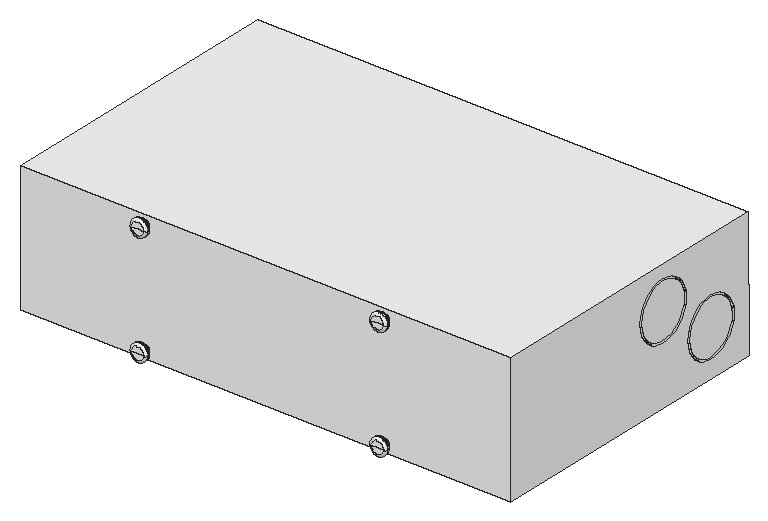
Revit family "NBS_AirflowDevelopmentsLtd_AirHdlngUnits_DuplexventDV_SideEntry", category Mechanical Equipment, host Ceiling, Revit 2013
Parameters (values of type "DV50R")
  WarrantyStartDate [instance] = "1900-12-31T23:59:59"
  WarrantyGuarantorParts = "n/a"
  WarrantyGuarantorLabor = "n/a"
  WarrantyDurationUnit = "year"
  WarrantyDurationParts = "7"
  WarrantyDurationLabor = "n/a"
  WarrantyDescription = "n/a"
  Version = "1"  # constant formula
  Uses = "Residential"
  UsageCurrent = 0
  UnitWidth = 546 mm
  UnitWeight = 0
  UnitMaterial = NBS_Concept
  UnitLength = 900 mm
  UnitHeight = 236 mm
  Uniclass2 = "90-04-03/408"
  ThermalEfficiency = 0
  TemperatureRegulators = "Automatic summer bypass, frost protection heater"
  TagNumber [instance] = "n/a"
  SustainabilityPerformance = "Passive House Institute certified, SAP Appendix Q eligible up to K+4"
  Standard = "n/a"
  Size = "900 x 547 x 236 mm"
  Shape = "Rectangular"
  SerialNumber [instance] = "n/a"
  Revision = "n/a"
  ReplacementCost = "n/a"
  ProtectionClass = "IP34"
  ProductInformation = "www.airflow.com/productdetail_/pg_VUNI/90000003"
  PositionsForMaintenenceAccess = "Removable front panel"
  PhaseReference = "n/a"
  PhaseAngle = 0.00°
  OptionalControls = "Humidity, CO2 sensors"
  NumberOfPoles = 0
  NominalWidth = UnitWidth  # 546 mm
  NominalVoltage = "230.0 , 230.0"
  NominalLength = UnitLength  # 900 mm
  NominalHeight = UnitHeight  # 236 mm
  NominalFrequencyRange = "0.0 , 0.0"
  NominalCurrent = 0
  Name = "AirHandlingUnits_DuplexventDV50_AirflowDevelopmentsLtd"
  NBSTypeID = "n/a"
  NBSReference = "90-45-15/310"
  NBSOfficeMasterTag = "n/a"
  NBSNote = "n/a"
  NBSDescription = "Air handling units"
  NBSCertification = "www.nationalbimlibrary.com/airflow-developments-ltd/duplexvent-dv50"
  ModelReference = "Duplexvent DV50"
  ModelNumber = if(DV50R, "90000003", if(DV50L, "9041558", if(DV80R, "0000067", "90000066")))  # "90000003"
  MethodOfSupport = "n/a"
  Material = "Galvanised steel casing"
  ManufacturerURL = "www.airflow.com"
  ManufacturerName = "Airflow Developments Ltd"  # constant formula
  Manufacturer = "info@airflow.com"
  DV580L = no
  DV50L = no
  AirductSide2Vertcial = 161 mm
  AirductSide1Vertical = 86 mm
  AirductRight2Horizontal = 197.006 mm
  AirductRight1Horizontal = 87 mm
  AirductRearLeft2Horizontal = 206 mm
  AirductRearLeft1Horizontal = 96 mm
  AirductRearRight2Horizontal = 206 mm
  AirductRearRight1Horizontal = 96 mm
  AirductLeft1Horizontal = 87 mm
  InsulationStandardClass = "Unset"
  InstallationOptions = "Ceiling hung, floor standing"
  InstallationDate [instance] = "1900-12-31T23:59:59"
  IfcExportType = "AIRHANDLER"  # constant formula
  IfcExportAs = "IfcUnitaryEquipmentType"  # constant formula
  IP_Code = "n/a"
  HeatRecoveryEfficiency = ">90%"
  HasProtectiveEarth = no
  Grade = "n/a"
  FlexibleConnections = "n/a"
  Finish = "n/a"
  Features = "Triple filter design with F7 pollen filter, greater than 90% heat recovery efficiency, low SPF, low energy and maintenance EC fans, off-the-shelf delivery, low noise, 4 speed control, multi-spigot design for installation flexibility"
  ExpectedLife = "n/a"
  Environment = "Internal"
  ElectricalDeviceNominalPower = 104
  DutySoundPowerLevel = "49 dB(A)"
  DutyReference = "n/a"
  DutyExternalResistance = "100 Pa"
  DutyDischargeVelocity = "n/a"
  DutyAirVolume = "230 m³/h max. (216 m³/h @ 100 Pa)"
  DurationUnit = "year"
  DuctMaterial = NBS_Concept
  DualDeck = no
  DirectionOfAirflow = "Horizontal"
  DigitalControl = "Optional Extra"
  Description = "MVHR unit for use in small sized dwellings up to 100m², with a maximum extraction of 216 m³/h @ 100 Pa"
  DV80R = no
  DV50R = yes
  ControlBoxMaterial = NBS_Concept
  Construction = "Double skin"
  Constituents = "n/a"
  ComponentsReHeaters = "900 W electric heater"
  ComponentsPreHeaters = "n/a"
  ComponentsHumidifiers = "n/a"
  ComponentsHeatRecovery = "Counter flow, aluminium"
  ComponentsFilters = "Triple panel filter (2 x G4, 1 x F7)"
  ComponentsFans = "EC fans"
  ComponentsDampersShutOff = "n/a"
  ComponentsDampersMixing = "n/a"
  ComponentsCoolingCoils = "n/a"
  ComponentsAttenuators = "Acoustic lining"
  Color = "n/a"
  CodePerformance = "Complies with NHBC criteria and ErP 2013/2015 standards, meets Building Regulations Approved Document F"
  Category = "n/a"
  CasingInsulation = "20 mm"
  BarCode [instance] = "n/a"
  BIMObjectName = "NBS_AirflowDevelopmentsLtd_AirHandlingUnits_DV50"
  Author = "NBS"  # constant formula
  AssetType = "Fixed"
  AssetIdentifier [instance] = "n/a"
  AntiVibrationMountings = "n/a"
  AirductLeft2Horizontal = 197 mm
  AirHandlerFanCoilArrangement = "DRAWTHROUGH"
  AirHandlerConstruction = "MANUFACTUREDITEM"
  AirFlowDirection [instance] = yes
  AirDuctRadius = 52.5 mm
  AirDuctInnerRadius = AirDuctRadius - 2.5 mm  # 50 mm
  AccessoryOptions = "Airflex Pro ducting system, 4-speed selection switch, summer bypass damper switch, a range of air heaters, in-line silencers, floor, wall and ceiling inlet and outlet diffusers,"
  Accessories = "n/a"
  AccessibilityPerformance = "n/a"
Types (2, lengths in mm): name | UnitWidth | UnitLength | UnitHeight | SustainabilityPerformance | Size | ProductInformation | NominalWidth | NominalLength | NominalHeight | Name | NBSCertification | ModelReference | ModelNumber | AirductSide2Vertcial | AirductSide1Vertical | AirductRight2Horizontal | AirductRight1Horizontal | AirductRearLeft2Horizontal | AirductRearRight2Horizontal | AirductLeft1Horizontal | ElectricalDeviceNominalPower | DutySoundPowerLevel | DutyAirVolume | Description | DV80R | DV50R | ComponentsHeatRecovery | BIMObjectName | AirductLeft2Horizontal | AirDuctRadius | AirDuctInnerRadius | AccessoryOptions
  DV50R | 546 | 900 | 236 | "Passive House Institute certified, SAP Appendix Q eligible up to K+4" | "900 x 547 x 236 mm" | "www.airflow.com/productdetail_/pg_VUNI/90000003" | 546 | 900 | 236 | "AirHandlingUnits_DuplexventDV50_AirflowDevelopmentsLtd" | "www.nationalbimlibrary.com/airflow-developments-ltd/duplexvent-dv50" | "Duplexvent DV50" | "90000003" | 161 | 86 | 197.006 | 87 | 206 | 206 | 87 | 104 | "49 dB(A)" | "230 m³/h max. (216 m³/h @ 100 Pa)" | "MVHR unit for use in small sized dwellings up to 100m², with a maximum extraction of 216 m³/h @ 100 Pa" | no | yes | "Counter flow, aluminium" | "NBS_AirflowDevelopmentsLtd_AirHandlingUnits_DV50" | 197 | 52.5 | 50 | "Airflex Pro ducting system, 4-speed selection switch, summer bypass damper switch, a range of air heaters, in-line silencers, floor, wall and ceiling inlet and outlet diffusers,"
  DV80R | 624 | 1026 | 295 | "Passive House Institute certified, SAP Appendix Q eligible up to K+6" | "1026 x 626 x 293 mm" | "www.airflow.com/productdetail_/pg_VUNI/90000067" | 624 | 1026 | 295 | "AirHandlingUnits_DuplexventDV80_AirflowDevelopmentsLtd" | "www.nationalbimlibrary.com/airflow-developments-ltd/duplexvent-dv80" | "Duplexvent DV80" | "0000067" | 111 | 200 | 255 | 111 | 231 | 231 | 111 | 165 | "48 dB(A)" | "360 m³/h max. (342 m³/h @ 100 Pa)" | "MVHR unit for use in medium sized dwellings up to 180m², with a maximum extraction of 342 m³/h @ 100 Pa" | yes | no | "Counter flow, plastic" | "NBS_AirflowDevelopmentsLtd_AirHandlingUnits_DV80" | 255 | 65 | 62.5 | "Airflex Pro ducting system, 4-speed selection switch, summer bypass damper switch, a range of air heaters, in-line silencers, floor, wall and ceiling inlet and outlet diffusers"
Reference planes
  plane 1 "Center (Front/Back)": y = 0
  plane 2: z = 0
  plane 3 "Center (Left/Right)": x = 0
  plane 4 "Ceiling": z = 3300
  plane 5: x = -450
  plane 6: x = 450
  plane 7: y = -546
  plane 8: x = -480
  plane 9: x = 480
  plane 10: z = 3300
  plane 11: z = 3064
  plane 12: y = -4
  plane 13: x = -126.486
  plane 14: x = 126.486
  plane 15: z = 3255.866
  plane 16: z = 3113.866
  plane 17: x = 451
  plane 18: x = -451
  plane 19: x = -354
  plane 20: x = -244
  plane 21: x = 244
  plane 22: x = 354
  plane 23: x = -547.851
  plane 24: x = 547.851
  plane 25: z = 3284.846
  plane 26: z = 3079.745
  plane 27: x = -220.255
  plane 28: x = 220.15
  plane 29: y = 32
  plane 30: y = 1
  plane 31: y = -526
  plane 32: y = -87
  plane 33: y = -197
  plane 34: y = -87
  plane 35: y = -197.006
  plane 36: y = 100
  plane 37: z = 3225
  plane 38: z = 3150
Forms (mm)
  Extrusion 1, solid, material "NBS_Concept" <- "UnitMaterial"
    sketch origin (0, 0, 3300) x (0, 1, 0) y (-1, 0, 0)
      loop
        line (0, 450) -> (-546, 450) -> (-546, -450) -> (0, -450) -> (0, 450)
    from -236 to 0
  Revolve 2, solid, material "NBS_Concept" <- "UnitMaterial", detail levels medium+fine
    sketch origin (-441.338, -546, 3284.846) x (1, 0, 0) y (0, 1, 0)
      loop
        line (221.083, 0) -> (221.083, -18) -> (232.639, -18)
        arc (232.639, -18) -> (235.364, -16.871) -> (236.492, -14.146) r 3.854
        line (236.492, -14.146) -> (236.492, -11.352)
        arc (236.492, -11.352) -> (235.891, -9.901) -> (234.44, -9.3) r 2.052
        line (234.44, -9.3) -> (228.074, -9.3) -> (228.074, 0) -> (221.083, 0)
      axis (221.083, -18) -> (221.083, 0)
    angle from 0 to 360
  Revolve 3, solid, material "NBS_Concept" <- "UnitMaterial", detail levels medium+fine
    sketch origin (-441.338, -546, 3079.745) x (1, 0, 0) y (0, 1, 0)
      loop
        line (221.083, 0) -> (221.083, -18) -> (232.639, -18)
        arc (232.639, -18) -> (235.364, -16.871) -> (236.492, -14.146) r 3.854
        line (236.492, -14.146) -> (236.492, -11.352)
        arc (236.492, -11.352) -> (235.891, -9.901) -> (234.44, -9.3) r 2.052
        line (234.44, -9.3) -> (228.074, -9.3) -> (228.074, 0) -> (221.083, 0)
      axis (221.083, -18) -> (221.083, 0)
    angle from 0 to 360
  Extrusion 4, solid, material "NBS_Concept" <- "ControlBoxMaterial", detail levels fine
    sketch origin (0, 0, 0) x (1, 0, 0) y (0, 0, 1)
      loop
        line (126.486, 3255.866) -> (-126.486, 3255.866) -> (-126.486, 3113.866) -> (126.486, 3113.866) -> (126.486, 3255.866)
    from -32 to 0
  Extrusion 5, solid, material "NBS_Concept" <- "DuctMaterial", detail levels coarse
    sketch origin (450, 0, 3300) x (0, -1, 0) y (0, 0, -1)
      loop
        circle (197.006, 75) r 52.5
    from 0 to 1
  Extrusion 6, solid, material "NBS_Concept" <- "DuctMaterial", detail levels coarse
    sketch origin (-450, -546, 3300) x (0, 1, 0) y (0, 0, -1)
      loop
        circle (348.994, 75) r 52.5
    from 0 to 1
  Extrusion 7, solid, material "NBS_Concept" <- "DuctMaterial", detail levels coarse
    sketch origin (-450, -546, 3300) x (0, 1, 0) y (0, 0, -1)
      loop
        circle (459, 150) r 52.5
    from 0 to 1
  Extrusion 8, solid, material "NBS_Concept" <- "DuctMaterial", detail levels coarse
    sketch origin (-450, 0, 3300) x (1, 0, 0) y (0, 0, -1)
      loop
        circle (804, 150) r 52.5
    from 0 to 1
  Extrusion 9, solid, material "NBS_Concept" <- "DuctMaterial", detail levels coarse
    sketch origin (-450, 0, 3300) x (1, 0, 0) y (0, 0, -1)
      loop
        circle (694, 75) r 52.5
    from 0 to 1
  Extrusion 10, solid, material "NBS_Concept" <- "DuctMaterial", detail levels coarse
    sketch origin (-450, 0, 3300) x (1, 0, 0) y (0, 0, -1)
      loop
        circle (206, 75) r 52.5
    from 0 to 1
  Extrusion 11, solid, material "NBS_Concept" <- "DuctMaterial", detail levels coarse
    sketch origin (-450, 0, 3300) x (1, 0, 0) y (0, 0, -1)
      loop
        circle (96, 150) r 52.5
    from 0 to 1
  Extrusion 12, solid, material "NBS_Concept" <- "DuctMaterial", detail levels coarse
    sketch origin (450, 0, 3300) x (0, -1, 0) y (0, 0, -1)
      loop
        circle (87, 150) r 52.5
    from 0 to 1
  Revolve 13, solid, material "NBS_Concept" <- "UnitMaterial", detail levels medium+fine
    sketch origin (-1.038, -546, 3284.846) x (1, 0, 0) y (0, 1, 0)
      loop
        line (221.188, 0) -> (221.188, -18) -> (232.744, -18)
        arc (232.744, -18) -> (235.468, -16.871) -> (236.597, -14.146) r 3.854
        line (236.597, -14.146) -> (236.597, -11.352)
        arc (236.597, -11.352) -> (235.996, -9.901) -> (234.545, -9.3) r 2.052
        line (234.545, -9.3) -> (228.179, -9.3) -> (228.179, 0) -> (221.188, 0)
      axis (221.188, -18) -> (221.188, 0)
    angle from 0 to 360
  Revolve 14, solid, material "NBS_Concept" <- "UnitMaterial", detail levels medium+fine
    sketch origin (-1.038, -546, 3079.745) x (1, 0, 0) y (0, 1, 0)
      loop
        line (221.188, 0) -> (221.188, -18) -> (232.744, -18)
        arc (232.744, -18) -> (235.468, -16.871) -> (236.597, -14.146) r 3.854
        line (236.597, -14.146) -> (236.597, -11.352)
        arc (236.597, -11.352) -> (235.996, -9.901) -> (234.545, -9.3) r 2.052
        line (234.545, -9.3) -> (228.179, -9.3) -> (228.179, 0) -> (221.188, 0)
      axis (221.188, -18) -> (221.188, 0)
    angle from 0 to 360
  Extrusion 15, solid, material "NBS_Concept" <- "DuctMaterial", detail levels medium+fine
    sketch origin (-450, 0, 3300) x (1, 0, 0) y (0, 0, -1)
      loop
        circle (804, 150) r 52.5
      loop
        circle (804, 150) r 50
    from 0 to 1
  Extrusion 16, solid, material "NBS_Concept" <- "DuctMaterial", detail levels medium+fine
    sketch origin (-450, 0, 3300) x (1, 0, 0) y (0, 0, -1)
      loop
        circle (694, 75) r 52.5
      loop
        circle (694, 75) r 50
    from 0 to 1
  Extrusion 17, solid, material "NBS_Concept" <- "DuctMaterial", detail levels medium+fine
    sketch origin (-450, 0, 3300) x (1, 0, 0) y (0, 0, -1)
      loop
        circle (206, 75) r 52.5
      loop
        circle (206, 75) r 50
    from 0 to 1
  Extrusion 18, solid, material "NBS_Concept" <- "DuctMaterial", detail levels medium+fine
    sketch origin (-450, 0, 3300) x (1, 0, 0) y (0, 0, -1)
      loop
        circle (96, 150) r 52.5
      loop
        circle (96, 150) r 50
    from 0 to 1
  Extrusion 19, solid, material "NBS_Concept" <- "DuctMaterial", detail levels medium+fine
    sketch origin (-450, -546, 3300) x (0, 1, 0) y (0, 0, -1)
      loop
        circle (459, 150) r 52.5
      loop
        circle (459, 150) r 50
    from 0 to 1
  Extrusion 20, solid, material "NBS_Concept" <- "DuctMaterial", detail levels medium+fine
    sketch origin (-450, -546, 3300) x (0, 1, 0) y (0, 0, -1)
      loop
        circle (348.994, 75) r 52.5
      loop
        circle (348.994, 75) r 50
    from 0 to 1
  Extrusion 21, solid, material "NBS_Concept" <- "DuctMaterial", detail levels medium+fine
    sketch origin (450, 0, 3300) x (0, -1, 0) y (0, 0, -1)
      loop
        circle (87, 150) r 52.5
      loop
        circle (87, 150) r 50
    from 0 to 1
  Extrusion 22, solid, material "NBS_Concept" <- "DuctMaterial", detail levels medium+fine
    sketch origin (450, 0, 3300) x (0, -1, 0) y (0, 0, -1)
      loop
        circle (197.006, 75) r 52.5
      loop
        circle (197.006, 75) r 50
    from 0 to 1
Lines and regions (mm)
  model lines, detail levels medium+fine
    curve 1: line (-244, -546, 3300) -> (-244, -546, 3064)
    curve 2: line (244, -546, 3300) -> (244, -546, 3064)
    curve 3: line (-450, -526, 3064) -> (450, -526, 3064)
    curve 4: line (450, -526, 3300) -> (-450, -526, 3300)
    curve 5: line (450, -526, 3300) -> (450, -526, 3064)
    curve 6: line (-450, -526, 3300) -> (-450, -526, 3064)
Dimensions and locks
  equal spacing: host sketch curve, plane 3 "Center (Left/Right)", host sketch curve
  equal spacing: host sketch curve, plane 1 "Center (Front/Back)", host sketch curve
  host sketch curve to host sketch curve = 4000 mm  (x2)
  locked: plane 4 "Ceiling" to host ceiling at 0
  equal spacing: plane 5, plane 3 "Center (Left/Right)", plane 6
  "UnitWidth": plane 1 "Center (Front/Back)" to plane 7
  locked: plane 8 to plane 5 at 30
  locked: plane 6 to plane 9 at 30
  "UnitHeight": plane 10 to plane 11
  "UnitLength": plane 5 to plane 6
  locked: plane 12 to plane 1 "Center (Front/Back)" at 4
  locked: plane 15 to plane 10 at 44.134
  locked: plane 6 to plane 17 at 1
  locked: plane 18 to plane 5 at 1
  locked: plane 23 to plane 8 at 67.851
  locked: plane 9 to plane 24 at 67.851
  equal spacing: plane 13, plane 3 "Center (Left/Right)", plane 14
  locked: plane 13 to plane 14 at 252.971
  plane 28 to plane 6 = 229.85 mm
  locked: plane 7 to plane 31 at 20
  locked: plane 16 to plane 15 at 142
  "AirductRight1Horizontal": plane 1 "Center (Front/Back)" to plane 34
  "AirductRight2Horizontal": plane 1 "Center (Front/Back)" to plane 35
  "AirductLeft1Horizontal": plane 32 to plane 1 "Center (Front/Back)"
  "AirductLeft2Horizontal": plane 33 to plane 1 "Center (Front/Back)"
  "AirductRearLeft1Horizontal": plane 5 to plane 19
  "AirductRearLeft2Horizontal": plane 5 to plane 20
  "AirductRearRight1Horizontal": plane 22 to plane 6
  "AirductRearRight2Horizontal": plane 21 to plane 6
  locked: plane 20 to plane 27 at 23.745
  "AirductSide2Vertcial": plane 37 to plane 11
  "AirductSide1Vertical": plane 38 to plane 11
  "AirDuctRadius": radius of Extrusion 5 sketch curve
  "AirDuctRadius": radius of Extrusion 6 sketch curve
  "AirDuctRadius": radius of Extrusion 7 sketch curve
  "AirDuctRadius": radius of Extrusion 8 sketch curve
  "AirDuctRadius": radius of Extrusion 9 sketch curve
  "AirDuctRadius": radius of Extrusion 10 sketch curve
  "AirDuctRadius": radius of Extrusion 11 sketch curve
  "AirDuctRadius": radius of Extrusion 12 sketch curve
  "AirDuctInnerRadius": radius of Extrusion 15 sketch curve
  "AirDuctInnerRadius": radius of Extrusion 16 sketch curve
  "AirDuctInnerRadius": radius of Extrusion 17 sketch curve
  "AirDuctInnerRadius": radius of Extrusion 18 sketch curve
  "AirDuctInnerRadius": radius of Extrusion 19 sketch curve
  "AirDuctInnerRadius": radius of Extrusion 20 sketch curve
  "AirDuctInnerRadius": radius of Extrusion 21 sketch curve
  "AirDuctInnerRadius": radius of Extrusion 22 sketch curve
  aligned and locked: plane 1 "Center (Front/Back)" to Extrusion 1 sketch curve
  aligned and locked: plane 5 to Extrusion 1 sketch curve
  aligned and locked: plane 7 to Extrusion 1 sketch curve
  aligned and locked: Extrusion 1 sketch curve to plane 6
  aligned and locked: Extrusion 1 to plane 11
  aligned and locked: plane 10 to Extrusion 1
  aligned and locked: plane 11 to Extrusion 1  (x2)
  aligned and locked: plane 15 to Extrusion 4 sketch curve
  aligned and locked: plane 14 to Extrusion 4 sketch curve
  aligned and locked: plane 16 to Extrusion 4 sketch curve
  aligned and locked: Extrusion 4 sketch curve to plane 13
  aligned and locked: Extrusion 4 to plane 29
  aligned and locked: plane 1 "Center (Front/Back)" to Extrusion 4
  aligned and locked: plane 11 to curve 1
  aligned and locked: plane 10 to curve 1
  aligned and locked: plane 10 to curve 2
  aligned and locked: plane 11 to curve 2
  aligned and locked: plane 31 to curve 3
  aligned and locked: curve 6 to plane 31
  aligned and locked: plane 31 to curve 5
  aligned and locked: plane 7 to Revolve 2
  aligned and locked: plane 7 to Revolve 3
  aligned and locked: curve 1 to plane 20
  aligned and locked: curve 2 to plane 21
  aligned and locked: plane 33 to nested 1
  aligned and locked: plane 8 to nested 1
  aligned and locked: nested 2 to plane 23
  aligned and locked: nested 2 to plane 32
  aligned and locked: plane 34 to nested 3
  aligned and locked: nested 3 to plane 9
  aligned and locked: nested 4 to plane 35
  aligned and locked: plane 24 to nested 4
  aligned and locked: plane 19 to nested 5
  aligned and locked: nested 5 to plane 36
  aligned and locked: nested 6 to plane 20
  aligned and locked: plane 29 to nested 6
  aligned and locked: nested 7 to plane 21
  aligned and locked: plane 29 to nested 7
  aligned and locked: plane 22 to nested 8
  aligned and locked: nested 8 to plane 36
  aligned and locked: plane 5 to Extrusion 7
  aligned and locked: Extrusion 7 to plane 18
  aligned and locked: plane 5 to Extrusion 6
  aligned and locked: Extrusion 6 to plane 18
  aligned and locked: Extrusion 11 to plane 30
  aligned and locked: plane 1 "Center (Front/Back)" to Extrusion 11
  aligned and locked: Extrusion 10 to plane 30
  aligned and locked: plane 1 "Center (Front/Back)" to Extrusion 10
  aligned and locked: Extrusion 9 to plane 30
  aligned and locked: plane 1 "Center (Front/Back)" to Extrusion 9
  aligned and locked: Extrusion 8 to plane 30
  aligned and locked: plane 1 "Center (Front/Back)" to Extrusion 8
  aligned and locked: plane 17 to Extrusion 12
  aligned and locked: Extrusion 12 to plane 6
  aligned and locked: plane 17 to Extrusion 5
  aligned and locked: Extrusion 5 to plane 6
  aligned and locked: Revolve 14 sketch curve to plane 28
  aligned and locked: plane 28 to Revolve 14 sketch curve
  aligned and locked: Revolve 13 sketch curve to plane 28
  aligned and locked: plane 28 to Revolve 13 sketch curve
  aligned and locked: Extrusion 15 sketch curve to Extrusion 8  (x2)
  aligned and locked: Extrusion 16 sketch curve to Extrusion 9  (x2)
  aligned and locked: Extrusion 17 sketch curve to Extrusion 10  (x2)
  aligned and locked: Extrusion 18 sketch curve to Extrusion 11  (x2)
  aligned and locked: plane 1 "Center (Front/Back)" to Extrusion 18
  aligned and locked: plane 1 "Center (Front/Back)" to Extrusion 17
  aligned and locked: plane 1 "Center (Front/Back)" to Extrusion 16
  aligned and locked: plane 1 "Center (Front/Back)" to Extrusion 15
  aligned and locked: Extrusion 15 to plane 30
  aligned and locked: Extrusion 16 to plane 30
  aligned and locked: Extrusion 18 to plane 30
  aligned and locked: Extrusion 17 to plane 30
  aligned and locked: plane 5 to Extrusion 20
  aligned and locked: plane 5 to Extrusion 19
  aligned and locked: Extrusion 20 to plane 18
  aligned and locked: Extrusion 19 to plane 18
  aligned and locked: Extrusion 21 to plane 6
  aligned and locked: Extrusion 22 to plane 6
  aligned and locked: plane 17 to Extrusion 22
  aligned and locked: plane 17 to Extrusion 21
  aligned and locked: plane 35 to Extrusion 20 sketch curve  (x2)
  aligned and locked: plane 35 to Extrusion 6 sketch curve
  aligned and locked: plane 34 to Extrusion 19 sketch curve  (x2)
  aligned and locked: plane 34 to Extrusion 7 sketch curve
  aligned and locked: plane 35 to Extrusion 22 sketch curve  (x2)
  aligned and locked: plane 35 to Extrusion 5 sketch curve
  aligned and locked: plane 34 to Extrusion 21 sketch curve  (x2)
  aligned and locked: plane 34 to Extrusion 12 sketch curve
  aligned and locked: plane 38 to Extrusion 19 sketch curve  (x2)
  aligned and locked: plane 38 to Extrusion 7 sketch curve
  aligned and locked: plane 37 to Extrusion 20 sketch curve  (x2)
  aligned and locked: plane 37 to Extrusion 6 sketch curve
  aligned and locked: plane 37 to Extrusion 5 sketch curve
  aligned and locked: plane 38 to Extrusion 21 sketch curve  (x2)
  aligned and locked: plane 38 to Extrusion 12 sketch curve
  aligned and locked: plane 22 to Extrusion 8 sketch curve
  aligned and locked: plane 38 to Extrusion 8 sketch curve
  aligned and locked: plane 21 to Extrusion 9 sketch curve
  aligned and locked: plane 37 to Extrusion 9 sketch curve
  aligned and locked: plane 38 to Extrusion 11 sketch curve
  aligned and locked: plane 19 to Extrusion 11 sketch curve
  aligned and locked: plane 37 to Extrusion 10 sketch curve
  aligned and locked: plane 20 to Extrusion 10 sketch curve
  aligned and locked: plane 37 to Extrusion 22 sketch curve  (x2)
Automatic sketch dimensions
  curve 3 to Extrusion 1 = 0 mm  (x2)
  curve 4 to Extrusion 1 = 0 mm  (x2)
  curve 4 to Extrusion 1 = 20 mm
  Extrusion 1 to curve 6 = 0 mm
  curve 6 to Extrusion 1 = 0 mm
  Extrusion 1 to curve 5 = 0 mm
  curve 5 to Extrusion 1 = 0 mm
  Revolve 2 sketch curve to plane 27 = 0 mm  (x2)
  Revolve 2 sketch curve to plane 7 = 0 mm
  Revolve 2 sketch curve to plane 7 = 18 mm
  Revolve 2 sketch curve to plane 27 = 6.991 mm
  Revolve 2 sketch curve to Revolve 2 sketch curve = 4.565 mm
  Revolve 2 sketch curve to Revolve 2 sketch curve = 1.801 mm
  Revolve 2 sketch curve to Revolve 2 sketch curve = 2.052 mm
  Revolve 2 sketch curve to Revolve 2 sketch curve = 2.794 mm
  Revolve 2 sketch curve to Revolve 2 sketch curve = 0 mm
  Revolve 2 sketch curve to Revolve 2 sketch curve = 0.5 mm
  Revolve 3 sketch curve to plane 27 = 0 mm  (x2)
  Revolve 3 sketch curve to plane 7 = 0 mm
  Revolve 3 sketch curve to plane 7 = 18 mm
  Revolve 3 sketch curve to plane 27 = 6.991 mm
  Revolve 3 sketch curve to Revolve 3 sketch curve = 4.565 mm
  Revolve 3 sketch curve to Revolve 3 sketch curve = 1.801 mm
  Revolve 3 sketch curve to Revolve 3 sketch curve = 2.052 mm
  Revolve 3 sketch curve to Revolve 3 sketch curve = 2.794 mm
  Revolve 3 sketch curve to Revolve 3 sketch curve = 0 mm
  Revolve 3 sketch curve to Revolve 3 sketch curve = 0.5 mm
  Revolve 14 sketch curve to plane 7 = 0 mm
  Revolve 14 sketch curve to plane 7 = 18 mm
  Revolve 14 sketch curve to plane 28 = 6.991 mm
  Revolve 14 sketch curve to Revolve 14 sketch curve = 4.565 mm
  Revolve 14 sketch curve to Revolve 14 sketch curve = 1.801 mm
  Revolve 14 sketch curve to Revolve 14 sketch curve = 2.052 mm
  Revolve 14 sketch curve to Revolve 14 sketch curve = 2.794 mm
  Revolve 14 sketch curve to Revolve 14 sketch curve = 0 mm
  Revolve 14 sketch curve to plane 7 = 0.5 mm
  Revolve 13 sketch curve to plane 7 = 0 mm
  Revolve 13 sketch curve to plane 7 = 18 mm
  Revolve 13 sketch curve to plane 28 = 6.991 mm
  Revolve 13 sketch curve to Revolve 13 sketch curve = 4.565 mm
  Revolve 13 sketch curve to Revolve 13 sketch curve = 1.801 mm
  Revolve 13 sketch curve to Revolve 13 sketch curve = 2.052 mm
  Revolve 13 sketch curve to Revolve 13 sketch curve = 2.794 mm
  Revolve 13 sketch curve to Revolve 13 sketch curve = 0 mm
  Revolve 13 sketch curve to plane 7 = 0.5 mm
  Extrusion 15 sketch curve to Extrusion 15 sketch curve = 0 mm  (x2)
  Extrusion 16 sketch curve to Extrusion 16 sketch curve = 0 mm  (x2)
  Extrusion 17 sketch curve to Extrusion 17 sketch curve = 0 mm  (x2)
  Extrusion 18 sketch curve to Extrusion 18 sketch curve = 0 mm  (x2)
  Extrusion 19 sketch curve to Extrusion 19 sketch curve = 2.5 mm
  Extrusion 20 sketch curve to Extrusion 20 sketch curve = 2.5 mm
  Extrusion 21 sketch curve to Extrusion 21 sketch curve = 2.5 mm
  Extrusion 22 sketch curve to Extrusion 22 sketch curve = 2.5 mm
Nested families
  nested 1: "Air Flow Arrow" at (-480, -197, 0), visible <- "AirFlowDirection", type "Air Flow Arrow"
  nested 2: "Air Flow Arrow" at (-547.851, -87, 0) x (-1, 0, 0) z (0, 0, 1), visible <- "AirFlowDirection", type "Air Flow Arrow"
  nested 3: "Air Flow Arrow" at (480, -87, 0) x (-1, 0, 0) z (0, 0, 1), visible <- "AirFlowDirection", type "Air Flow Arrow"
  nested 4: "Air Flow Arrow" at (547.851, -197.006, 0), visible <- "AirFlowDirection", type "Air Flow Arrow"
  nested 5: "Air Flow Arrow" at (-354, 100, 0) x (0, 1, 0) z (0, 0, 1), visible <- "AirFlowDirection", type "Air Flow Arrow"
  nested 6: "Air Flow Arrow" at (-244, 32, 0) x (0, -1, 0) z (0, 0, 1), visible <- "AirFlowDirection", type "Air Flow Arrow"
  nested 7: "Air Flow Arrow" at (244, 32, 0) x (0, -1, 0) z (0, 0, 1), visible <- "AirFlowDirection", type "Air Flow Arrow"
  nested 8: "Air Flow Arrow" at (354, 100, 0) x (0, 1, 0) z (0, 0, 1), visible <- "AirFlowDirection", type "Air Flow Arrow"
Connectors
  hvac at (450, -87, 3150), driven by "AirDuctRadius"
    settings: on Extrusion 12, index 1, duct flow 0.0 L/s, flow factor 0, pres drop 0.0 Pa, loss coef 0, conn angle 0.00°, conn width 304.8 mm, conn height 304.8 mm, conn radius 52.5 mm, duct sys type 4, conn prof type 0, flow config 0, flow direction 0, loss method 0, conn ref index -1, conn util no, is conn primary yes, conn desc ""
  hvac at (244, 0, 3225), driven by "AirDuctRadius"
    settings: on Extrusion 9, index 2, duct flow 0.0 L/s, flow factor 0, pres drop 0.0 Pa, loss coef 0, conn angle 0.00°, conn width 304.8 mm, conn height 304.8 mm, conn radius 52.5 mm, duct sys type 4, conn prof type 0, flow config 0, flow direction 0, loss method 0, conn ref index -1, conn util no, is conn primary no, conn desc ""
  hvac at (-354, 0, 3150), driven by "AirDuctRadius"
    settings: on Extrusion 11, index 3, duct flow 0.0 L/s, flow factor 0, pres drop 0.0 Pa, loss coef 0, conn angle 0.00°, conn width 304.8 mm, conn height 304.8 mm, conn radius 52.5 mm, duct sys type 4, conn prof type 0, flow config 0, flow direction 0, loss method 0, conn ref index -1, conn util no, is conn primary no, conn desc ""
  hvac at (-451, -87, 3150), driven by "AirDuctRadius"
    settings: on Extrusion 7, index 4, duct flow 0.0 L/s, flow factor 0, pres drop 0.0 Pa, loss coef 0, conn angle 0.00°, conn width 304.8 mm, conn height 304.8 mm, conn radius 52.5 mm, duct sys type 4, conn prof type 0, flow config 0, flow direction 0, loss method 0, conn ref index -1, conn util no, is conn primary no, conn desc ""
  hvac at (-451, -197.006, 3225), driven by "AirDuctRadius"
    settings: on Extrusion 6, index 5, duct flow 0.0 L/s, flow factor 0, pres drop 0.0 Pa, loss coef 0, conn angle 0.00°, conn width 304.8 mm, conn height 304.8 mm, conn radius 52.5 mm, duct sys type 4, conn prof type 0, flow config 0, flow direction 0, loss method 0, conn ref index -1, conn util no, is conn primary no, conn desc ""
  hvac at (-244, 1, 3225), driven by "AirDuctRadius"
    settings: on Extrusion 10, index 6, duct flow 0.0 L/s, flow factor 0, pres drop 0.0 Pa, loss coef 0, conn angle 0.00°, conn width 304.8 mm, conn height 304.8 mm, conn radius 52.5 mm, duct sys type 4, conn prof type 0, flow config 0, flow direction 0, loss method 0, conn ref index -1, conn util no, is conn primary no, conn desc ""
  hvac at (451, -197.006, 3225), driven by "AirDuctRadius"
    settings: on Extrusion 5, index 7, duct flow 0.0 L/s, flow factor 0, pres drop 0.0 Pa, loss coef 0, conn angle 0.00°, conn width 304.8 mm, conn height 304.8 mm, conn radius 52.5 mm, duct sys type 4, conn prof type 0, flow config 0, flow direction 0, loss method 0, conn ref index -1, conn util no, is conn primary no, conn desc ""
  hvac at (354, 1, 3150), driven by "AirDuctRadius"
    settings: on Extrusion 8, index 8, duct flow 0.0 L/s, flow factor 0, pres drop 0.0 Pa, loss coef 0, conn angle 0.00°, conn width 304.8 mm, conn height 304.8 mm, conn radius 52.5 mm, duct sys type 4, conn prof type 0, flow config 0, flow direction 0, loss method 0, conn ref index -1, conn util no, is conn primary no, conn desc ""
Definition of nested family "Air Flow Arrow"
  Reference planes
    plane 1 "Center (Front/Back)": y = 0
    plane 2: z = 0
    plane 3 "Center (Left/Right)": x = 0
  Lines and regions (mm)
    model lines, style "Light Lines", in view "Ref. Level"
      curve 1: arc (-25.265, -1.181, 0) -> (-27.359, -1.329, 0) -> (-29.376, -1.91, 0) r 10
      curve 2: arc (-36.914, -4.971, 0) -> (-41.068, -5.698, 0) -> (-45.153, -4.648, 0) r 10
      curve 3: arc (-48.296, -3.075, 0) -> (-52.115, -2.038, 0) -> (-56.037, -2.565, 0) r 10
      curve 4: arc (-25.161, 1.817, 0) -> (-27.883, 1.625, 0) -> (-30.505, 0.869, 0) r 13
      curve 5: arc (-38.043, -2.192, 0) -> (-40.951, -2.701, 0) -> (-43.81, -1.966, 0) r 7
      curve 6: arc (-46.953, -0.392, 0) -> (-51.918, 0.955, 0) -> (-57.016, 0.271, 0) r 13
      curve 7: line (-29.376, -1.91, 0) -> (-36.914, -4.971, 0)
      curve 8: line (-45.153, -4.648, 0) -> (-48.296, -3.075, 0)
      curve 9: line (-30.505, 0.869, 0) -> (-38.043, -2.192, 0)
      curve 10: line (-43.81, -1.966, 0) -> (-46.953, -0.392, 0)
      curve 11: line (-57.016, 0.271, 0) -> (-67.851, -3.47, 0)
      curve 12: line (-67.851, -3.47, 0) -> (-66.871, -6.306, 0)
      curve 13: line (-66.871, -6.306, 0) -> (-56.037, -2.565, 0)
      curve 14: line (-25.265, -1.181, 0) -> (-16.423, -1.49, 0)
      curve 15: line (-16.423, -1.49, 0) -> (-16.4, -4.695, 0)
      curve 16: line (-16.4, -4.695, 0) -> (0.239, 0.012, 0)
      curve 17: line (0.239, 0.012, 0) -> (-16.468, 4.707, 0)
      curve 18: line (-16.468, 4.707, 0) -> (-16.445, 1.513, 0)
      curve 19: line (-16.445, 1.513, 0) -> (-25.161, 1.817, 0)
